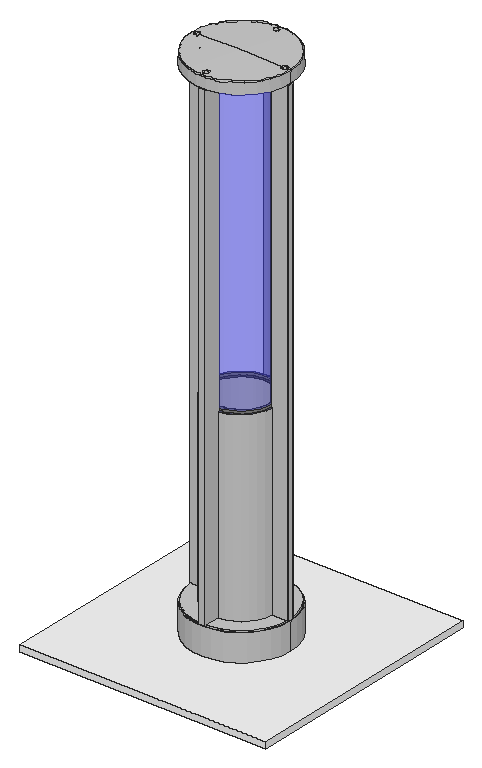
Revit family "BE_84602_de_DE", category Leuchten, Revit 2015
Parameters (values of type "BEGA_84602_Silber_K4")
  built-in parameter 1150104 = 17.744 (stored number, unit not read)
  Wattage = 15.6 W
  Default Elevation = 0 mm
  built-in parameter 1150113 = 1 (stored number, unit not read)
  built-in parameter 1114218 = 1 (stored number, unit not read)
  Umgebungstemperatur = "25 °C"
  URL = "http://www.bega.de/produkt/84602"
  Typenkommentare = "© 2017 BEGA. Wir behalten uns das Recht vor, technische Änderungen ohne vorherige Ankündigung vorzunehmen."  # constant formula
  Type Image = 84602.png
  built-in parameter 1150134 = 12
  built-in parameter 1150109 = 1 (stored number, unit not read)
  Strom = ""
  built-in parameter 1150110 = 1 (stored number, unit not read)
  Spannung = 239.996 V
  Sonderanfertigung = no
  Seriennummer [instance] = "Hier können Sie die eindeutige Seriennummer für das Facility Management eintragen."
  Schutzklasse = "I"
  Schutzart = "IP 65"
  Scheinlast = 0 VA
  Produktdatenblatt = "http://www.bega.de/download/Xrfa/db/84602.db.de.pdf"
  Oberflächentemperatur = ""
  Neigungswinkel = 0.00°
  Modell = "84602AK4"
  Material_18 = BEGA_Gummi_schwarz
  Material_17 = BEGA_Reflektor
  Material_15 = BEGA_Leuchtmedium_matt
  Material_14 = BEGA_Kunststoff_opal
  Material_11 = BEGA_Glas_opal
  Material_09 = BEGA_Glas_klar
  Material_06 = BEGA_Oberfläche_Edelstahl_gebürstet
  Material_03 = BEGA_Oberfläche_Weiss_matt
  Material_02 = BEGA_Oberfläche_Silber_matt
  Material_01 [instance] = BEGA_Oberfläche_Grafit_matt
  M_W = no
  M_G = no
  M_A = yes
  Logo = 0
  built-in parameter 1114217 = 1 (stored number, unit not read)
  built-in parameter 1150139 = (empty or 0)
  built-in parameter 1150105 = 237.11 (stored number, unit not read)
  built-in parameter 1150114 = 1 (stored number, unit not read)
  Lumens = 2979.6 lm
  built-in parameter 1150115 = 1 (stored number, unit not read)
  Leuchtenlichtstrom = "1993 lm"
  Leuchtenanzahl = ""
  Lebensdauerkriterien = "L70B50 @ 25 °C = 500000 h"
  Lastklassifizierung = Beleuchtung
  built-in parameter 1150112 = 1 (stored number, unit not read)
  Lampenlichtstrom = "2980 lm"
  Lampe = "LED 15.6 W"
  LED_Modulbezeichnung = "4x LED-0701/840"
  built-in parameter 1150142 = (empty or 0)
  Hersteller = "BEGA"  # constant formula
  Halbstreuwinkel = ""
  Gewicht = "7.0 kg"
  Gebrauchslageneinschränkung [instance] = ""
  Frequenz = "0/50-60 Hz"
  Farbwiedergabeindex = "Ra > 80"
  Farbtemperaturverschiebung bei Dämpfen der Lampe = <Keine Auswahl>
  Farbtemperatur = "4000 K"
  Farbfilter = 16777215
  Erdstück = no
  built-in parameter 1150133 = 10 (stored number, unit not read)
  Energieeffizienzklasse = "LED A++ - A"
  built-in parameter 1150137 = (empty or 0)
  built-in parameter 1150132 = (empty or 0)
  ENEC = ""
  Dimmbar [instance] = ""
  Datei für fotometrisches Netz = "BE_84602K4.IES"
  CE_Konformität = "ja"
  Bestellnummer_Erdstück = if(Erdstück, "70895", "---")  # "---"
  Bestellnummer = "84602AK4"
  Beschreibung_Sonderanfertigung = "Hier können Sie Informationen zur Sonderanfertigung eintragen."
  Beschreibung = "Pollerleuchte"
  built-in parameter 1150106 = 2.3711 (stored number, unit not read)
  Befestigungsbohrung = ""
  Befestigungsabstand = ""
  Ballwurfsicher = ""
  BEGA_Intern_aus = yes
  BEGA_Intern_an = yes
  BEGA_Intern_Konstruktion = yes
  BEGA_Intern = yes
  BEGA_IES = yes
  BEGA_Dummy = no
  Anschlussleitung = ""
  Anschlussleistung [instance] = "18 W"
  built-in parameter 1150107 = 4000 (stored number, unit not read)
  built-in parameter 1150102 = (empty or 0)
  built-in parameter 1150138 = (empty or 0)
  Aktualisierung = "2017-07-04T04:09:06"
  Abstand_zur_angestrahlten_Fläche [instance] = ""
  AC/DC = "AC/DC"
Types (4, lengths in mm): name | built-in parameter 1150104 | Wattage | built-in parameter 1150134 | Modell | M_G | M_A | built-in parameter 1150105 | Lumens | Leuchtenlichtstrom | Lampenlichtstrom | LED_Modulbezeichnung | Farbtemperatur | Datei für fotometrisches Netz | Bestellnummer | built-in parameter 1150106 | built-in parameter 1150107
  BEGA_84602_Grafit_K4 | 17.744 (stored number, unit not read) | 15.6 W | 12 | "84602K4" | yes | no | 237.11 (stored number, unit not read) | 2979.6 lm | "1993 lm" | "2980 lm" | "4x LED-0701/840" | "4000 K" | "BE_84602K4.IES" | "84602K4" | 2.3711 (stored number, unit not read) | 4000 (stored number, unit not read)
  BEGA_84602_Grafit_K3 | 13.8 (stored number, unit not read) | 0 W | (empty or 0) | "84602" | yes | no | (empty or 0) | 0 lm | "1940 lm" | "2900 lm" | "4x LED-0701/830" | "3000 K" | "BE_84602.IES" | "84602" | (empty or 0) | 3000 (stored number, unit not read)
  BEGA_84602_Silber_K3 | 17.271 (stored number, unit not read) | 15.9 W | (empty or 0) | "84602A" | no | yes | 235.22 (stored number, unit not read) | 2955.81 lm | "1940 lm" | "2900 lm" | "4x LED-0701/830" | "3000 K" | "BE_84602.IES" | "84602A" | 2.3522 (stored number, unit not read) | 3000 (stored number, unit not read)
  BEGA_84602_Silber_K4 | 17.744 (stored number, unit not read) | 15.6 W | 12 | "84602AK4" | no | yes | 237.11 (stored number, unit not read) | 2979.6 lm | "1993 lm" | "2980 lm" | "4x LED-0701/840" | "4000 K" | "BE_84602K4.IES" | "84602AK4" | 2.3711 (stored number, unit not read) | 4000 (stored number, unit not read)
Reference planes
  plane 1 "Mitte (Vorne/Hinten)": y = 0
  plane 2: z = 0
  plane 3 "Mitte (Links/Rechts)": x = 0
  plane 4 "Links": x = -80.5
  plane 5 "Rechts": x = 80.5
  plane 6 "Unten": y = -80.5
  plane 7 "Oben": y = 80.5
  plane 8 "Vorne": z = 850.81
  plane 9 "Hinten": z = 0
Forms (mm)
  Extrusion 1, solid, material "BEGA_Platte_Weiss"
    sketch origin (0, -1119.2, 0) x (1, 0, 0) y (0, 1, 0)
      loop
        line (-200, 1319.2) -> (-200, 919.2) -> (200, 919.2) -> (200, 1319.2) -> (-200, 1319.2)
    from 0 to -10
  Extrusion 2, solid, material "BEGA_Dummy_matt", visible <- "BEGA_Dummy"
    sketch origin (77.149, -76.023, 0) x (1, 0, 0) y (0, 1, 0)
      loop
        circle (-77.149, 76.023) r 80.5
    from 0 to 850.81
Dimensions and locks
  plane 1 "Mitte (Vorne/Hinten)" to Extrusion 1 = 200 mm
  aligned and locked: plane 2 to Extrusion 1
  aligned and locked: level to Extrusion 1
Nested families
  nested 1: "BE_84602" at (0, 0, 0), type "BE_84602"
Connectors
  electrical at (0, 0, 0), driven by "Lastklassifizierung", driven by "Spannung", driven by "Scheinlast"
    settings: index 1, voltage 239.996 V, apparent load 0 VA, apparent load phase1 0 VA, apparent load phase2 0 VA, apparent load phase3 0 VA, power factor 1, load classification "Beleuchtung", number of poles 1, system type 31, power factor state 1, is connector primary yes, connector utility no, sub classification motor no, connector description ""
Definition of nested family "BE_84602"
  Parameters (values of type "BE_84602")
    Default Elevation = 1 mm
    URL = "http://www.bega.de/de/produkt"
    Type Comments = "© 2015 BEGA. Wir behalten uns das Recht vor, technische Änderungen ohne vorherige Ankündigung vorzunehmen. "  # constant formula
    Type Image = (empty or 0)
    Neigungswinkel_um_Z2 = 0.00°
    Neigungswinkel_um_Z1 = 0.00°
    Neigungswinkel_um_Y2 = 0.00°
    Neigungswinkel_um_Y1 = 0.00°
    Neigungswinkel_um_X2 = 0.00°
    Neigungswinkel_um_X1 = 0.00°
    Material_18 = none
    Material_17 = none
    Material_15 = none
    Material_14 = none
    Material_11 = none
    Material_09 = none
    Material_06 = none
    Material_02 = none
    Material_01 = none
    M_W = yes
    M_G = yes
    M_A = yes
    Länge_Platte = 200 mm  # constant formula
    Höhe_Platte = -10 mm  # constant formula
    Manufacturer = "BEGA"  # constant formula
    Drehwinkel_um_Z2 = 0.00°
    Drehwinkel_um_Z1 = 0.00°
    Breite_Platte = 200 mm  # constant formula
  Reference planes
    plane 1 "Mitte (Oben/Unten)": y = 0
    plane 2: z = 0
    plane 3 "Mitte (Links/Rechts)": x = 0
    plane 4: x = -80.5
    plane 5: z = 850.81
    plane 6: x = 80.5
    plane 7: y = -80.5
    plane 8: y = 80.5
  Forms (mm)
    Extrusion 1, solid, detail levels medium
      sketch origin (0, 0, 0) x (1, 0, 0) y (0, 1, 0)
        loop
          line (-100, 100) -> (-100, -100) -> (100, -100) -> (100, 100) -> (-100, 100)
      from 0 to -10 <- "Höhe_Platte"
    Revolve 2, solid, material <- "Material_01", visible <- "M_G", detail levels medium+fine
      sketch origin (0, 0, 0) x (1, 0, 0) y (0, 0, 1)
        loop
          line (-76, 0) -> (-21.511, 0) -> (-21.511, 5.5) -> (-76, 5.5) -> (-76, 0)
        axis (0, 0) -> (0, 5.5)
      angle from 0 to 360
    Extrusion 3, void
      sketch origin (0, 0, 0) x (1, 0, 0) y (0, 1, 0)
        loop
          arc (37.01, -10.606) -> (38.5, 0.008) -> (37.006, 10.621) r 38.5
          arc (37.006, 10.621) -> (32.675, 13.011) -> (30.28, 8.683) r 3.5
          arc (30.28, 8.683) -> (31.5, 0.001) -> (30.28, -8.682) r 31.5
          arc (30.28, -8.682) -> (32.682, -13.012) -> (37.01, -10.606) r 3.5
        loop
          arc (-7.621, 30.564) -> (-5.072, 34.807) -> (-9.315, 37.356) r 3.5
          arc (-9.315, 37.356) -> (-19.251, 33.342) -> (-27.695, 26.744) r 38.5
          arc (-27.695, 26.744) -> (-27.609, 21.795) -> (-22.66, 21.881) r 3.5
          arc (-22.66, 21.881) -> (-15.75, 27.28) -> (-7.621, 30.564) r 31.5
        loop
          arc (-22.657, -21.884) -> (-27.604, -21.794) -> (-27.698, -26.74) r 3.5
          arc (-27.698, -26.74) -> (-19.247, -33.344) -> (-9.302, -37.359) r 38.5
          arc (-9.302, -37.359) -> (-5.069, -34.802) -> (-7.621, -30.564) r 3.5
          arc (-7.621, -30.564) -> (-15.749, -27.28) -> (-22.657, -21.884) r 31.5
        loop
          arc (-43.745, 12.543) -> (-46.827, 18.102) -> (-52.386, 15.021) r 4.495
          arc (-52.386, 15.021) -> (-54.497, 0.004) -> (-52.388, -15.014) r 54.493
          arc (-52.388, -15.014) -> (-46.831, -18.105) -> (-43.745, -12.544) r 4.495
          arc (-43.745, -12.544) -> (-45.508, -0.001) -> (-43.745, 12.543) r 45.516
        loop
          arc (32.735, 31.613) -> (39.09, 31.504) -> (39.2, 37.86) r 4.495
          arc (39.2, 37.86) -> (27.253, 47.193) -> (13.198, 52.875) r 54.493
          arc (13.198, 52.875) -> (7.737, 49.612) -> (11.009, 44.157) r 4.494
          arc (11.009, 44.157) -> (22.753, 39.411) -> (32.735, 31.613) r 45.516
        loop
          arc (11.01, -44.156) -> (7.737, -49.605) -> (13.185, -52.878) r 4.495
          arc (13.185, -52.878) -> (27.245, -47.198) -> (39.196, -37.863) r 54.493
          arc (39.196, -37.863) -> (39.095, -31.505) -> (32.736, -31.612) r 4.495
          arc (32.736, -31.612) -> (22.754, -39.411) -> (11.01, -44.156) r 45.516
      from -2 to 10
    Revolve 4, solid, material <- "Material_01", visible <- "M_G", detail levels medium+fine
      sketch origin (0, 0, 0) x (1, 0, 0) y (0, 0, 1)
        loop
          arc (-73.181, 39.917) -> (-72.576, 41.282) -> (-71.194, 41.848) r 2
          line (-71.194, 41.848) -> (-51.968, 41.848) -> (-51.968, 47.848) -> (-78.5, 47.848) -> (-78.5, 45.848) -> (-80.5, 45.848) -> (-80.5, 2.148) -> (-77.5, 2.148) -> (-77.5, 5.648) -> (-74.374, 5.757) -> (-73.181, 39.917)
        axis (0, 2.148) -> (0, 47.848)
      angle from 0 to 360
    Extrusion 5, solid, material <- "Material_01", visible <- "M_G", detail levels medium+fine
      sketch origin (0, 0, 0) x (1, 0, 0) y (0, 1, 0)
        loop
          arc (-79.855, 5.002) -> (-80.213, 4.847) -> (-80.374, 4.492) r 0.54
          arc (-80.374, 4.492) -> (-80.5, 0.08) -> (-80.384, -4.333) r 80.5
          arc (-80.384, -4.333) -> (-80.249, -4.724) -> (-79.927, -4.985) r 0.752
          line (-79.927, -4.985) -> (-54.167, -5.989)
          arc (-54.167, -5.989) -> (-54.497, 0.007) -> (-54.166, 6.004) r 54.493
          line (-54.166, 6.004) -> (-79.855, 5.002)
      from 47.548 to 828.848
    Extrusion 6, solid, material <- "Material_01", visible <- "M_G", detail levels medium+fine
      sketch origin (0, 0, 0) x (0, -1, 0) y (1, 0, 0)
        loop
          arc (-79.855, 5.002) -> (-80.213, 4.847) -> (-80.374, 4.492) r 0.54
          arc (-80.374, 4.492) -> (-80.5, 0.08) -> (-80.384, -4.333) r 80.5
          arc (-80.384, -4.333) -> (-80.249, -4.724) -> (-79.927, -4.985) r 0.752
          line (-79.927, -4.985) -> (-54.167, -5.989)
          arc (-54.167, -5.989) -> (-54.497, 0.007) -> (-54.166, 6.004) r 54.493
          line (-54.166, 6.004) -> (-79.855, 5.002)
      from 47.548 to 828.848
    Extrusion 7, solid, material <- "Material_01", visible <- "M_G", detail levels medium+fine
      sketch origin (0, 0, 0) x (0, 1, 0) y (-1, 0, 0)
        loop
          arc (-79.855, 5.002) -> (-80.213, 4.847) -> (-80.374, 4.492) r 0.54
          arc (-80.374, 4.492) -> (-80.5, 0.08) -> (-80.384, -4.333) r 80.5
          arc (-80.384, -4.333) -> (-80.249, -4.724) -> (-79.927, -4.985) r 0.752
          line (-79.927, -4.985) -> (-54.167, -5.989)
          arc (-54.167, -5.989) -> (-54.497, 0.007) -> (-54.166, 6.004) r 54.493
          line (-54.166, 6.004) -> (-79.855, 5.002)
      from 47.548 to 828.848
    Extrusion 8, solid, material <- "Material_01", visible <- "M_G", detail levels medium+fine
      sketch origin (0, 0, 0) x (-1, 0, 0) y (0, -1, 0)
        loop
          arc (-79.855, 5.002) -> (-80.213, 4.847) -> (-80.374, 4.492) r 0.54
          arc (-80.374, 4.492) -> (-80.5, 0.08) -> (-80.384, -4.333) r 80.5
          arc (-80.384, -4.333) -> (-80.249, -4.724) -> (-79.927, -4.985) r 0.752
          line (-79.927, -4.985) -> (-54.167, -5.989)
          arc (-54.167, -5.989) -> (-54.497, 0.007) -> (-54.166, 6.004) r 54.493
          line (-54.166, 6.004) -> (-79.855, 5.002)
      from 47.548 to 828.848
    Revolve 9, solid, material <- "Material_01", visible <- "M_G", detail levels medium+fine
      sketch origin (0, 0, 0) x (1, 0, 0) y (0, 0, 1)
        loop
          line (-55, 349.348) -> (-55, 44.848) -> (-51.5, 44.848) -> (-51.5, 349.348) -> (-55, 349.348)
        axis (0, 349.348) -> (0, 44.848)
      angle from 0 to 360
    Revolve 10, solid, material <- "Material_18", detail levels medium+fine
      sketch origin (0, 0, 0) x (1, 0, 0) y (0, 0, 1)
        loop
          circle (-50.4, 350.05) r 3
        axis (0, 350.05) -> (0, 351.05)
      angle from 0 to 360
    Revolve 11, solid, material <- "Material_14", detail levels medium+fine
      sketch origin (0, 0, 0) x (1, 0, 0) y (0, 0, 1)
        loop
          line (-48.5, 838.848) -> (-52.5, 838.848) -> (-52.5, 352.348) -> (-48.5, 352.348) -> (-48.5, 838.848)
        axis (0, 352.348) -> (0, 838.848)
      angle from 0 to 360
    Revolve 12, solid, material <- "Material_01", visible <- "M_G", detail levels medium+fine
      sketch origin (0, 0, 0) x (1, 0, 0) y (0, 0, 1)
        loop
          line (-80.5, 830.448) -> (-76.722, 830.448) -> (-76.75, 828.848) -> (-53.789, 828.848) -> (-53.982, 846.255) -> (0, 846.131) -> (0, 850.81) -> (-79.21, 849.427)
          arc (-79.21, 849.427) -> (-79.893, 849.135) -> (-80.186, 848.453) r 1
          line (-80.186, 848.453) -> (-80.5, 830.448)
        axis (0, 828.848) -> (0, 850.81)
      angle from 0 to 360
    Revolve 13, void
      sketch origin (0, 0, 0) x (1, 0, 0) y (0, 0, 1)
        loop
          line (-71, 847.623) -> (-71, 849.983) -> (-76.029, 849.983) -> (-73.669, 847.623) -> (-71, 847.623)
        axis (-71, 847.623) -> (-71, 849.983)
      angle from 0 to 360
    Revolve 14, void
      sketch origin (0, 0, 0) x (0, -1, 0) y (0, 0, 1)
        loop
          line (-71, 847.623) -> (-71, 849.983) -> (-76.029, 849.983) -> (-73.669, 847.623) -> (-71, 847.623)
        axis (-71, 847.623) -> (-71, 849.983)
      angle from 0 to 360
    Revolve 15, void
      sketch origin (0, 0, 0) x (0, 1, 0) y (0, 0, 1)
        loop
          line (-71, 847.623) -> (-71, 849.983) -> (-76.029, 849.983) -> (-73.669, 847.623) -> (-71, 847.623)
        axis (-71, 847.623) -> (-71, 849.983)
      angle from 0 to 360
    Revolve 16, void
      sketch origin (0, 0, 0) x (-1, 0, 0) y (0, 0, 1)
        loop
          line (-71, 847.623) -> (-71, 849.983) -> (-76.029, 849.983) -> (-73.669, 847.623) -> (-71, 847.623)
        axis (-71, 847.623) -> (-71, 849.983)
      angle from 0 to 360
    Extrusion 17, solid, material <- "Material_06", detail levels fine
      sketch origin (0, 0, 0) x (1, 0, 0) y (0, 1, 0)
        loop
          circle (-71, 0) r 4
        loop
          circle (71, 0) r 4
        loop
          circle (0, -71) r 4
        loop
          circle (0, 71) r 4
      from 848.633 to 849.254
    Revolve 18, solid, material <- "Material_06", detail levels fine
      sketch origin (0, 0, 24.148) x (1, 0, 0) y (0, 1, 0)
        loop
          line (-58.23, 58.23) -> (-48.369, 48.369) -> (-44.834, 51.905) -> (-54.044, 61.115) -> (-55.345, 61.115) -> (-58.23, 58.23)
        axis (-58.23, 58.23) -> (-48.369, 48.369)
      angle from 0 to 360
    Revolve 19, solid, material <- "Material_02", visible <- "M_A", detail levels medium+fine
      sketch origin (0, 0, 0) x (1, 0, 0) y (0, 0, 1)
        loop
          line (-76, 0) -> (-21.511, 0) -> (-21.511, 5.5) -> (-76, 5.5) -> (-76, 0)
        axis (0, 0) -> (0, 5.5)
      angle from 0 to 360
    Revolve 20, solid, material <- "Material_02", visible <- "M_A", detail levels medium+fine
      sketch origin (0, 0, 0) x (1, 0, 0) y (0, 0, 1)
        loop
          arc (-73.181, 39.917) -> (-72.576, 41.282) -> (-71.194, 41.848) r 2
          line (-71.194, 41.848) -> (-51.968, 41.848) -> (-51.968, 47.848) -> (-78.5, 47.848) -> (-78.5, 45.848) -> (-80.5, 45.848) -> (-80.5, 2.148) -> (-77.5, 2.148) -> (-77.5, 5.648) -> (-74.374, 5.757) -> (-73.181, 39.917)
        axis (0, 2.148) -> (0, 47.848)
      angle from 0 to 360
    Extrusion 21, solid, material <- "Material_02", visible <- "M_A", detail levels medium+fine
      sketch origin (0, 0, 0) x (1, 0, 0) y (0, 1, 0)
        loop
          arc (-79.855, 5.002) -> (-80.213, 4.847) -> (-80.374, 4.492) r 0.54
          arc (-80.374, 4.492) -> (-80.5, 0.08) -> (-80.384, -4.333) r 80.5
          arc (-80.384, -4.333) -> (-80.249, -4.724) -> (-79.927, -4.985) r 0.752
          line (-79.927, -4.985) -> (-54.167, -5.989)
          arc (-54.167, -5.989) -> (-54.497, 0.007) -> (-54.166, 6.004) r 54.493
          line (-54.166, 6.004) -> (-79.855, 5.002)
      from 47.548 to 828.848
    Extrusion 22, solid, material <- "Material_02", visible <- "M_A", detail levels medium+fine
      sketch origin (0, 0, 0) x (0, -1, 0) y (1, 0, 0)
        loop
          arc (-79.855, 5.002) -> (-80.213, 4.847) -> (-80.374, 4.492) r 0.54
          arc (-80.374, 4.492) -> (-80.5, 0.08) -> (-80.384, -4.333) r 80.5
          arc (-80.384, -4.333) -> (-80.249, -4.724) -> (-79.927, -4.985) r 0.752
          line (-79.927, -4.985) -> (-54.167, -5.989)
          arc (-54.167, -5.989) -> (-54.497, 0.007) -> (-54.166, 6.004) r 54.493
          line (-54.166, 6.004) -> (-79.855, 5.002)
      from 47.548 to 828.848
    Extrusion 23, solid, material <- "Material_02", visible <- "M_A", detail levels medium+fine
      sketch origin (0, 0, 0) x (0, 1, 0) y (-1, 0, 0)
        loop
          arc (-79.855, 5.002) -> (-80.213, 4.847) -> (-80.374, 4.492) r 0.54
          arc (-80.374, 4.492) -> (-80.5, 0.08) -> (-80.384, -4.333) r 80.5
          arc (-80.384, -4.333) -> (-80.249, -4.724) -> (-79.927, -4.985) r 0.752
          line (-79.927, -4.985) -> (-54.167, -5.989)
          arc (-54.167, -5.989) -> (-54.497, 0.007) -> (-54.166, 6.004) r 54.493
          line (-54.166, 6.004) -> (-79.855, 5.002)
      from 47.548 to 828.848
    Extrusion 24, solid, material <- "Material_02", visible <- "M_A", detail levels medium+fine
      sketch origin (0, 0, 0) x (-1, 0, 0) y (0, -1, 0)
        loop
          arc (-79.855, 5.002) -> (-80.213, 4.847) -> (-80.374, 4.492) r 0.54
          arc (-80.374, 4.492) -> (-80.5, 0.08) -> (-80.384, -4.333) r 80.5
          arc (-80.384, -4.333) -> (-80.249, -4.724) -> (-79.927, -4.985) r 0.752
          line (-79.927, -4.985) -> (-54.167, -5.989)
          arc (-54.167, -5.989) -> (-54.497, 0.007) -> (-54.166, 6.004) r 54.493
          line (-54.166, 6.004) -> (-79.855, 5.002)
      from 47.548 to 828.848
    Revolve 25, solid, material <- "Material_02", visible <- "M_A", detail levels medium+fine
      sketch origin (0, 0, 0) x (1, 0, 0) y (0, 0, 1)
        loop
          line (-55, 349.348) -> (-55, 44.848) -> (-51.5, 44.848) -> (-51.5, 349.348) -> (-55, 349.348)
        axis (0, 349.348) -> (0, 44.848)
      angle from 0 to 360
    Revolve 26, solid, material <- "Material_02", visible <- "M_A", detail levels medium+fine
      sketch origin (0, 0, 0) x (1, 0, 0) y (0, 0, 1)
        loop
          line (-80.5, 830.448) -> (-76.722, 830.448) -> (-76.75, 828.848) -> (-53.789, 828.848) -> (-53.982, 846.255) -> (0, 846.131) -> (0, 850.81) -> (-79.21, 849.427)
          arc (-79.21, 849.427) -> (-79.893, 849.135) -> (-80.186, 848.453) r 1
          line (-80.186, 848.453) -> (-80.5, 830.448)
        axis (0, 828.848) -> (0, 850.81)
      angle from 0 to 360
  Cuts and joins
    Extrusion 3 cuts Revolve 2
    joined: Revolve 4, Extrusion 5, Extrusion 6, Extrusion 7, Extrusion 8, Revolve 9
    Revolve 13, Revolve 14, Revolve 15, Revolve 16 cuts Revolve 12
    Extrusion 3 cuts Revolve 19
    joined: Revolve 20, Extrusion 21, Extrusion 22, Extrusion 23, Extrusion 24, Revolve 25
    Revolve 13, Revolve 14, Revolve 15, Revolve 16 cuts Revolve 26
  Dimensions and locks
    equal spacing: Extrusion 1 sketch curve, plane 3 "Mitte (Links/Rechts)", Extrusion 1 sketch curve
    equal spacing: Extrusion 1 sketch curve, plane 1 "Mitte (Oben/Unten)", Extrusion 1 sketch curve
    "Länge_Platte": Extrusion 1 sketch curve to Extrusion 1 sketch curve
    "Breite_Platte": Extrusion 1 sketch curve to Extrusion 1 sketch curve
    aligned and locked: Extrusion 1 to plane 2
    aligned and locked: level to Extrusion 1
  Automatic sketch dimensions
    Revolve 2 sketch curve to level = 0 mm  (x2)
    Revolve 2 sketch curve to plane 3 "Mitte (Links/Rechts)" = 0 mm
    level to Revolve 2 sketch curve = 5.5 mm
    Revolve 2 sketch curve to plane 3 "Mitte (Links/Rechts)" = 21.511 mm
    Revolve 2 sketch curve to Revolve 2 sketch curve = 54.489 mm
    Revolve 2 sketch curve to Revolve 2 sketch curve = 3.638 mm
    Extrusion 3 sketch curve to plane 1 "Mitte (Oben/Unten)" = 0 mm  (x5)
    Extrusion 3 sketch curve to plane 3 "Mitte (Links/Rechts)" = 0 mm  (x2)
    Extrusion 3 sketch curve to plane 1 "Mitte (Oben/Unten)" = 9.648 mm
    plane 3 "Mitte (Links/Rechts)" to Extrusion 3 sketch curve = 33.644 mm
    Extrusion 3 sketch curve to Extrusion 3 sketch curve = 3.364 mm
    Extrusion 3 sketch curve to Extrusion 3 sketch curve = 0 mm  (x17)
    plane 1 "Mitte (Oben/Unten)" to Extrusion 3 sketch curve = 8.682 mm
    Extrusion 3 sketch curve to Extrusion 3 sketch curve = 3.362 mm
    Extrusion 3 sketch curve to Extrusion 3 sketch curve = 6.73 mm
    Extrusion 3 sketch curve to Extrusion 3 sketch curve = 1.924 mm
    Extrusion 3 sketch curve to Extrusion 3 sketch curve = 3.366 mm
    Extrusion 3 sketch curve to Extrusion 3 sketch curve = 0.959 mm
    Extrusion 3 sketch curve to plane 3 "Mitte (Links/Rechts)" = 8.468 mm
    Extrusion 3 sketch curve to plane 3 "Mitte (Links/Rechts)" = 25.176 mm
    Extrusion 3 sketch curve to Extrusion 3 sketch curve = 16.709 mm
    plane 3 "Mitte (Links/Rechts)" to Extrusion 3 sketch curve = 0 mm  (x3)
    Extrusion 3 sketch curve to plane 3 "Mitte (Links/Rechts)" = 0.001 mm
    plane 1 "Mitte (Oben/Unten)" to Extrusion 3 sketch curve = 24.314 mm
    plane 1 "Mitte (Oben/Unten)" to Extrusion 3 sketch curve = 0 mm  (x2)
    Extrusion 3 sketch curve to plane 1 "Mitte (Oben/Unten)" = 0.001 mm
    Extrusion 3 sketch curve to plane 1 "Mitte (Oben/Unten)" = 24.313 mm
    Extrusion 3 sketch curve to Extrusion 3 sketch curve = 9.648 mm
    Extrusion 3 sketch curve to plane 3 "Mitte (Links/Rechts)" = 7.621 mm
    Extrusion 3 sketch curve to Extrusion 3 sketch curve = 0.847 mm  (x2)
    Extrusion 3 sketch curve to Extrusion 3 sketch curve = 2.518 mm  (x3)
    Extrusion 3 sketch curve to Extrusion 3 sketch curve = 2.523 mm
    Extrusion 3 sketch curve to Extrusion 3 sketch curve = 2.431 mm  (x2)
    Extrusion 3 sketch curve to Extrusion 3 sketch curve = 1.681 mm
    Extrusion 3 sketch curve to Extrusion 3 sketch curve = 0.835 mm
    Extrusion 3 sketch curve to Extrusion 3 sketch curve = 3.399 mm
    Extrusion 3 sketch curve to Extrusion 3 sketch curve = 0.001 mm  (x2)
    Extrusion 3 sketch curve to Extrusion 3 sketch curve = 20.367 mm
    Extrusion 3 sketch curve to Extrusion 3 sketch curve = 20.371 mm
    Extrusion 3 sketch curve to Extrusion 3 sketch curve = 0.004 mm
    Extrusion 3 sketch curve to Extrusion 3 sketch curve = 0.008 mm
    plane 1 "Mitte (Oben/Unten)" to Extrusion 3 sketch curve = 13.783 mm
    Extrusion 3 sketch curve to plane 1 "Mitte (Oben/Unten)" = 13.782 mm
    Extrusion 3 sketch curve to Extrusion 3 sketch curve = 4.32 mm  (x3)
    Extrusion 3 sketch curve to Extrusion 3 sketch curve = 4.323 mm
    Extrusion 3 sketch curve to Extrusion 3 sketch curve = 1.231 mm
    Extrusion 3 sketch curve to plane 3 "Mitte (Links/Rechts)" = 0.004 mm  (x2)
    plane 3 "Mitte (Links/Rechts)" to Extrusion 3 sketch curve = 0.003 mm
    plane 3 "Mitte (Links/Rechts)" to Extrusion 3 sketch curve = 12.096 mm
    plane 1 "Mitte (Oben/Unten)" to Extrusion 3 sketch curve = 0.007 mm
    Extrusion 3 sketch curve to plane 1 "Mitte (Oben/Unten)" = 0.003 mm
    Extrusion 3 sketch curve to Extrusion 3 sketch curve = 11.161 mm
    Extrusion 3 sketch curve to Extrusion 3 sketch curve = 1.088 mm
    Extrusion 3 sketch curve to Extrusion 3 sketch curve = 1.102 mm
    Extrusion 3 sketch curve to Extrusion 3 sketch curve = 4.271 mm
    Extrusion 3 sketch curve to Extrusion 3 sketch curve = 6.464 mm
    Extrusion 3 sketch curve to Extrusion 3 sketch curve = 20.992 mm
    Extrusion 3 sketch curve to Extrusion 3 sketch curve = 6.246 mm
    Extrusion 3 sketch curve to Extrusion 3 sketch curve = 3.232 mm
    Extrusion 3 sketch curve to Extrusion 3 sketch curve = 3.123 mm
    plane 3 "Mitte (Links/Rechts)" to Extrusion 3 sketch curve = 0.002 mm
    Extrusion 3 sketch curve to Extrusion 3 sketch curve = 1.041 mm
    Extrusion 3 sketch curve to Extrusion 3 sketch curve = 24.128 mm
    plane 1 "Mitte (Oben/Unten)" to Extrusion 3 sketch curve = 0.004 mm
    Extrusion 3 sketch curve to Extrusion 3 sketch curve = 0.007 mm
    plane 3 "Mitte (Links/Rechts)" to Extrusion 3 sketch curve = 11.01 mm
    Extrusion 3 sketch curve to Extrusion 3 sketch curve = 2.175 mm
    Extrusion 3 sketch curve to Extrusion 3 sketch curve = 3.233 mm
    Extrusion 3 sketch curve to Extrusion 3 sketch curve = 3.226 mm
    Extrusion 3 sketch curve to Extrusion 3 sketch curve = 3.129 mm
    Extrusion 3 sketch curve to Extrusion 3 sketch curve = 8.722 mm
    Extrusion 5 sketch curve to Extrusion 5 sketch curve = 0.021 mm
    Extrusion 5 sketch curve to Extrusion 5 sketch curve = 0.201 mm
    Extrusion 5 sketch curve to Extrusion 5 sketch curve = 0.54 mm
    Extrusion 5 sketch curve to Extrusion 5 sketch curve = 0.751 mm
    Extrusion 5 sketch curve to Extrusion 5 sketch curve = 0.294 mm
    Extrusion 5 sketch curve to Extrusion 5 sketch curve = 0.539 mm
    Extrusion 5 sketch curve to Extrusion 5 sketch curve = 0 mm  (x2)
    Extrusion 5 sketch curve to Extrusion 5 sketch curve = 25.466 mm
    Revolve 4 sketch curve to plane 3 "Mitte (Links/Rechts)" = 0 mm
    Revolve 4 sketch curve to plane 3 "Mitte (Links/Rechts)" = 51.968 mm
    Revolve 4 sketch curve to Revolve 4 sketch curve = 19.214 mm
    Revolve 4 sketch curve to Revolve 4 sketch curve = 0.012 mm
    level to Revolve 4 sketch curve = 5.757 mm
    Revolve 4 sketch curve to Revolve 4 sketch curve = 3.192 mm
    Revolve 4 sketch curve to Revolve 4 sketch curve = 3.126 mm
    Revolve 4 sketch curve to Revolve 4 sketch curve = 7.306 mm
    Revolve 4 sketch curve to Revolve 4 sketch curve = 3 mm
    Revolve 4 sketch curve to Revolve 4 sketch curve = 0.109 mm
    level to Revolve 4 sketch curve = 2.148 mm
    Revolve 4 sketch curve to Revolve 4 sketch curve = 34.091 mm
    Revolve 4 sketch curve to Revolve 4 sketch curve = 2 mm  (x2)
    Revolve 4 sketch curve to Revolve 4 sketch curve = 4 mm
    Revolve 4 sketch curve to Revolve 4 sketch curve = 1.999 mm
    Revolve 4 sketch curve to Revolve 4 sketch curve = 0 mm  (x2)
    level to Revolve 4 sketch curve = 14.806 mm
    Revolve 4 sketch curve to Revolve 4 sketch curve = 15 mm
    Extrusion 5 sketch curve to Extrusion 5 sketch curve = 0.002 mm
    Extrusion 5 sketch curve to Extrusion 5 sketch curve = 54.161 mm
    Extrusion 5 sketch curve to Extrusion 5 sketch curve = 0.005 mm
    Extrusion 5 sketch curve to Extrusion 5 sketch curve = 1.005 mm
    Extrusion 5 sketch curve to Extrusion 5 sketch curve = 0.692 mm
    Extrusion 5 sketch curve to Extrusion 5 sketch curve = 5.972 mm
    Extrusion 5 sketch curve to Extrusion 5 sketch curve = 0.017 mm
    Extrusion 6 sketch curve to Extrusion 6 sketch curve = 0.021 mm
    Extrusion 6 sketch curve to Extrusion 6 sketch curve = 0.201 mm
    Extrusion 6 sketch curve to Extrusion 6 sketch curve = 0.54 mm
    Extrusion 6 sketch curve to Extrusion 6 sketch curve = 0.751 mm
    Extrusion 6 sketch curve to Extrusion 6 sketch curve = 0.294 mm
    Extrusion 6 sketch curve to Extrusion 6 sketch curve = 0.539 mm
    Extrusion 6 sketch curve to Extrusion 6 sketch curve = 0 mm  (x2)
    Extrusion 6 sketch curve to Extrusion 6 sketch curve = 25.466 mm
    Extrusion 6 sketch curve to Extrusion 6 sketch curve = 0.002 mm
    Extrusion 6 sketch curve to Extrusion 6 sketch curve = 54.161 mm
    Extrusion 6 sketch curve to Extrusion 6 sketch curve = 0.005 mm
    Extrusion 6 sketch curve to Extrusion 6 sketch curve = 1.005 mm
    Extrusion 6 sketch curve to Extrusion 6 sketch curve = 0.692 mm
    Extrusion 6 sketch curve to Extrusion 6 sketch curve = 5.972 mm
    Extrusion 6 sketch curve to Extrusion 6 sketch curve = 0.017 mm
    Extrusion 7 sketch curve to Extrusion 7 sketch curve = 0.021 mm
    Extrusion 7 sketch curve to Extrusion 7 sketch curve = 0.201 mm
    Extrusion 7 sketch curve to Extrusion 7 sketch curve = 0.54 mm
    Extrusion 7 sketch curve to Extrusion 7 sketch curve = 0.751 mm
    Extrusion 7 sketch curve to Extrusion 7 sketch curve = 0.294 mm
    Extrusion 7 sketch curve to Extrusion 7 sketch curve = 0.539 mm
    Extrusion 7 sketch curve to Extrusion 7 sketch curve = 0 mm  (x2)
    Extrusion 7 sketch curve to Extrusion 7 sketch curve = 25.466 mm
    Extrusion 7 sketch curve to Extrusion 7 sketch curve = 0.002 mm
    Extrusion 7 sketch curve to Extrusion 7 sketch curve = 54.161 mm
    Extrusion 7 sketch curve to Extrusion 7 sketch curve = 0.005 mm
    Extrusion 7 sketch curve to Extrusion 7 sketch curve = 1.005 mm
    Extrusion 7 sketch curve to Extrusion 7 sketch curve = 0.692 mm
    Extrusion 7 sketch curve to Extrusion 7 sketch curve = 5.972 mm
    Extrusion 7 sketch curve to Extrusion 7 sketch curve = 0.017 mm
    Extrusion 8 sketch curve to Extrusion 8 sketch curve = 0.021 mm
    Extrusion 8 sketch curve to Extrusion 8 sketch curve = 0.201 mm
    Extrusion 8 sketch curve to Extrusion 8 sketch curve = 0.54 mm
    Extrusion 8 sketch curve to Extrusion 8 sketch curve = 0.751 mm
    Extrusion 8 sketch curve to Extrusion 8 sketch curve = 0.294 mm
    Extrusion 8 sketch curve to Extrusion 8 sketch curve = 0.539 mm
    Extrusion 8 sketch curve to Extrusion 8 sketch curve = 0 mm  (x2)
    Extrusion 8 sketch curve to Extrusion 8 sketch curve = 25.466 mm
    Extrusion 8 sketch curve to Extrusion 8 sketch curve = 0.002 mm
    Extrusion 8 sketch curve to Extrusion 8 sketch curve = 54.161 mm
    Extrusion 8 sketch curve to Extrusion 8 sketch curve = 0.005 mm
    Extrusion 8 sketch curve to Extrusion 8 sketch curve = 1.005 mm
    Extrusion 8 sketch curve to Extrusion 8 sketch curve = 0.692 mm
    Extrusion 8 sketch curve to Extrusion 8 sketch curve = 5.972 mm
    Extrusion 8 sketch curve to Extrusion 8 sketch curve = 0.017 mm
    plane 1 "Mitte (Oben/Unten)" to Extrusion 5 sketch curve = 4.985 mm
    Extrusion 5 sketch curve to plane 3 "Mitte (Links/Rechts)" = 79.927 mm
    Extrusion 6 sketch curve to plane 3 "Mitte (Links/Rechts)" = 4.985 mm
    Extrusion 6 sketch curve to plane 1 "Mitte (Oben/Unten)" = 79.927 mm
    plane 3 "Mitte (Links/Rechts)" to Extrusion 7 sketch curve = 4.985 mm
    plane 1 "Mitte (Oben/Unten)" to Extrusion 7 sketch curve = 79.927 mm
    Extrusion 8 sketch curve to plane 1 "Mitte (Oben/Unten)" = 4.985 mm
    plane 3 "Mitte (Links/Rechts)" to Extrusion 8 sketch curve = 79.927 mm
    Revolve 9 sketch curve to plane 3 "Mitte (Links/Rechts)" = 55 mm
    Revolve 9 sketch curve to Revolve 9 sketch curve = 3.5 mm
    level to Revolve 9 sketch curve = 44.848 mm
    Revolve 10 sketch curve to plane 3 "Mitte (Links/Rechts)" = 0 mm
    Revolve 10 sketch curve to plane 3 "Mitte (Links/Rechts)" = 50.4 mm
    Revolve 10 sketch curve to Revolve 10 sketch curve = 45.05 mm
    Revolve 10 sketch curve to Revolve 10 sketch curve = 24.95 mm
    Revolve 11 sketch curve to plane 3 "Mitte (Links/Rechts)" = 0 mm
    Revolve 11 sketch curve to plane 3 "Mitte (Links/Rechts)" = 48.5 mm
    Revolve 11 sketch curve to Revolve 11 sketch curve = 4 mm
    Revolve 11 sketch curve to Revolve 11 sketch curve = 486.5 mm
    Revolve 11 sketch curve to Revolve 11 sketch curve = 80 mm
    Revolve 11 sketch curve to Revolve 11 sketch curve = 35 mm
    Revolve 13 sketch curve to Revolve 13 sketch curve = 2.669 mm
    Revolve 13 sketch curve to Revolve 13 sketch curve = 2.36 mm
    Revolve 13 sketch curve to Revolve 13 sketch curve = 5.029 mm
    Revolve 13 sketch curve to Revolve 13 sketch curve = 0 mm
    Revolve 13 sketch curve to Revolve 13 sketch curve = 16.369 mm
    Revolve 13 sketch curve to Revolve 13 sketch curve = 1.624 mm
    Revolve 14 sketch curve to Revolve 14 sketch curve = 2.669 mm
    Revolve 14 sketch curve to Revolve 14 sketch curve = 2.36 mm
    Revolve 14 sketch curve to Revolve 14 sketch curve = 5.029 mm
    Revolve 14 sketch curve to Revolve 14 sketch curve = 0 mm
    Revolve 14 sketch curve to Revolve 14 sketch curve = 16.369 mm
    Revolve 14 sketch curve to Revolve 14 sketch curve = 1.624 mm
    Revolve 15 sketch curve to Revolve 15 sketch curve = 2.669 mm
    Revolve 15 sketch curve to Revolve 15 sketch curve = 2.36 mm
    Revolve 15 sketch curve to Revolve 15 sketch curve = 5.029 mm
    Revolve 15 sketch curve to Revolve 15 sketch curve = 0 mm
    Revolve 15 sketch curve to Revolve 15 sketch curve = 16.369 mm
    Revolve 15 sketch curve to Revolve 15 sketch curve = 1.624 mm
    Revolve 16 sketch curve to Revolve 16 sketch curve = 2.669 mm
    Revolve 16 sketch curve to Revolve 16 sketch curve = 2.36 mm
    Revolve 16 sketch curve to Revolve 16 sketch curve = 5.029 mm
    Revolve 16 sketch curve to Revolve 16 sketch curve = 0 mm
    Revolve 16 sketch curve to Revolve 16 sketch curve = 16.369 mm
    Revolve 16 sketch curve to Revolve 16 sketch curve = 1.624 mm
    Revolve 13 sketch curve to plane 3 "Mitte (Links/Rechts)" = 76.029 mm
    Revolve 14 sketch curve to plane 1 "Mitte (Oben/Unten)" = 76.029 mm
    plane 1 "Mitte (Oben/Unten)" to Revolve 15 sketch curve = 76.029 mm
    plane 3 "Mitte (Links/Rechts)" to Revolve 16 sketch curve = 76.029 mm
    plane 1 "Mitte (Oben/Unten)" to Extrusion 17 sketch curve = 0 mm  (x2)
    Extrusion 17 sketch curve to plane 3 "Mitte (Links/Rechts)" = 0 mm  (x2)
    Extrusion 17 sketch curve to plane 3 "Mitte (Links/Rechts)" = 71 mm
    plane 3 "Mitte (Links/Rechts)" to Extrusion 17 sketch curve = 71 mm
    plane 1 "Mitte (Oben/Unten)" to Extrusion 17 sketch curve = 71 mm
    Extrusion 17 sketch curve to plane 1 "Mitte (Oben/Unten)" = 71 mm
    Revolve 12 sketch curve to plane 3 "Mitte (Links/Rechts)" = 0 mm  (x2)
    Revolve 12 sketch curve to plane 3 "Mitte (Links/Rechts)" = 53.789 mm
    Revolve 12 sketch curve to Revolve 12 sketch curve = 0.193 mm
    Revolve 12 sketch curve to Revolve 12 sketch curve = 22.933 mm
    Revolve 12 sketch curve to Revolve 12 sketch curve = 0.028 mm
    Revolve 12 sketch curve to Revolve 12 sketch curve = 2.464 mm
    Revolve 12 sketch curve to Revolve 12 sketch curve = 0.024 mm
    Revolve 12 sketch curve to Revolve 12 sketch curve = 1 mm
    Revolve 12 sketch curve to Revolve 12 sketch curve = 3.778 mm
    Revolve 12 sketch curve to Revolve 12 sketch curve = 1.6 mm
    Revolve 12 sketch curve to Revolve 12 sketch curve = 17.283 mm
    Revolve 12 sketch curve to Revolve 12 sketch curve = 17.407 mm
    Revolve 12 sketch curve to Revolve 12 sketch curve = 17.98 mm
    Revolve 12 sketch curve to Revolve 12 sketch curve = 0.025 mm
    Revolve 12 sketch curve to Revolve 12 sketch curve = 4.679 mm
    Revolve 12 sketch curve to Revolve 12 sketch curve = 2.283 mm
    Revolve 12 sketch curve to Revolve 12 sketch curve = 5.413 mm
    Revolve 18 sketch curve to plane 3 "Mitte (Links/Rechts)" = 55.345 mm
    Revolve 18 sketch curve to Revolve 18 sketch curve = 1.301 mm
    Revolve 18 sketch curve to Revolve 18 sketch curve = 2.885 mm  (x2)
    Revolve 18 sketch curve to Revolve 18 sketch curve = 9.211 mm
    Revolve 18 sketch curve to plane 1 "Mitte (Oben/Unten)" = 48.369 mm
    Revolve 19 sketch curve to level = 0 mm  (x2)
    Revolve 19 sketch curve to plane 3 "Mitte (Links/Rechts)" = 0 mm
    level to Revolve 19 sketch curve = 5.5 mm
    Revolve 19 sketch curve to plane 3 "Mitte (Links/Rechts)" = 21.511 mm
    Revolve 19 sketch curve to Revolve 19 sketch curve = 54.489 mm
    Revolve 19 sketch curve to Revolve 19 sketch curve = 3.638 mm
    Revolve 20 sketch curve to plane 3 "Mitte (Links/Rechts)" = 0 mm
    Revolve 20 sketch curve to plane 3 "Mitte (Links/Rechts)" = 51.968 mm
    Revolve 20 sketch curve to Revolve 20 sketch curve = 19.214 mm
    Revolve 20 sketch curve to Revolve 20 sketch curve = 0.012 mm
    level to Revolve 20 sketch curve = 5.757 mm
    Revolve 20 sketch curve to Revolve 20 sketch curve = 3.192 mm
    Revolve 20 sketch curve to Revolve 20 sketch curve = 3.126 mm
    Revolve 20 sketch curve to Revolve 20 sketch curve = 7.306 mm
    Revolve 20 sketch curve to Revolve 20 sketch curve = 3 mm
    Revolve 20 sketch curve to Revolve 20 sketch curve = 0.109 mm
    level to Revolve 20 sketch curve = 2.148 mm
    Revolve 20 sketch curve to Revolve 20 sketch curve = 34.091 mm
    Revolve 20 sketch curve to Revolve 20 sketch curve = 2 mm  (x2)
    Revolve 20 sketch curve to Revolve 20 sketch curve = 4 mm
    Revolve 20 sketch curve to Revolve 20 sketch curve = 1.999 mm
    Revolve 20 sketch curve to Revolve 20 sketch curve = 0 mm  (x2)
    level to Revolve 20 sketch curve = 14.806 mm
    Revolve 20 sketch curve to Revolve 20 sketch curve = 15 mm
    plane 1 "Mitte (Oben/Unten)" to Extrusion 21 sketch curve = 4.985 mm
    Extrusion 21 sketch curve to plane 3 "Mitte (Links/Rechts)" = 79.927 mm
    Extrusion 21 sketch curve to plane 1 "Mitte (Oben/Unten)" = 5.002 mm
    Extrusion 21 sketch curve to Extrusion 21 sketch curve = 0.072 mm
    Extrusion 21 sketch curve to Extrusion 21 sketch curve = 0.021 mm
    Extrusion 21 sketch curve to Extrusion 21 sketch curve = 0.294 mm
    plane 1 "Mitte (Oben/Unten)" to Extrusion 21 sketch curve = 5.989 mm
    Extrusion 21 sketch curve to Extrusion 21 sketch curve = 25.466 mm
    Extrusion 21 sketch curve to plane 1 "Mitte (Oben/Unten)" = 6.004 mm
    Extrusion 21 sketch curve to Extrusion 21 sketch curve = 0.002 mm
    Extrusion 21 sketch curve to plane 1 "Mitte (Oben/Unten)" = 0 mm
    plane 3 "Mitte (Links/Rechts)" to Extrusion 21 sketch curve = 0 mm
    Extrusion 21 sketch curve to Extrusion 21 sketch curve = 0.692 mm
    plane 1 "Mitte (Oben/Unten)" to Extrusion 21 sketch curve = 0.017 mm
    Extrusion 21 sketch curve to Extrusion 21 sketch curve = 0.54 mm
    Extrusion 21 sketch curve to Extrusion 21 sketch curve = 0 mm  (x2)
    Extrusion 21 sketch curve to Extrusion 21 sketch curve = 0.751 mm
    Extrusion 22 sketch curve to plane 3 "Mitte (Links/Rechts)" = 4.985 mm
    Extrusion 22 sketch curve to plane 1 "Mitte (Oben/Unten)" = 79.927 mm
    plane 3 "Mitte (Links/Rechts)" to Extrusion 22 sketch curve = 5.002 mm
    Extrusion 22 sketch curve to Extrusion 22 sketch curve = 0.072 mm
    Extrusion 22 sketch curve to Extrusion 22 sketch curve = 0.021 mm
    Extrusion 22 sketch curve to Extrusion 22 sketch curve = 0.294 mm
    Extrusion 22 sketch curve to plane 3 "Mitte (Links/Rechts)" = 5.989 mm
    Extrusion 22 sketch curve to Extrusion 22 sketch curve = 25.466 mm
    plane 3 "Mitte (Links/Rechts)" to Extrusion 22 sketch curve = 6.004 mm
    Extrusion 22 sketch curve to Extrusion 22 sketch curve = 0.002 mm
    plane 3 "Mitte (Links/Rechts)" to Extrusion 22 sketch curve = 0 mm
    plane 1 "Mitte (Oben/Unten)" to Extrusion 22 sketch curve = 0 mm
    Extrusion 22 sketch curve to Extrusion 22 sketch curve = 0.692 mm
    Extrusion 22 sketch curve to plane 3 "Mitte (Links/Rechts)" = 0.017 mm
    Extrusion 22 sketch curve to Extrusion 22 sketch curve = 0.54 mm
    Extrusion 22 sketch curve to Extrusion 22 sketch curve = 0 mm  (x2)
    Extrusion 22 sketch curve to Extrusion 22 sketch curve = 0.751 mm
    plane 3 "Mitte (Links/Rechts)" to Extrusion 23 sketch curve = 4.985 mm
    plane 1 "Mitte (Oben/Unten)" to Extrusion 23 sketch curve = 79.927 mm
    Extrusion 23 sketch curve to plane 3 "Mitte (Links/Rechts)" = 5.002 mm
    Extrusion 23 sketch curve to Extrusion 23 sketch curve = 0.072 mm
    Extrusion 23 sketch curve to Extrusion 23 sketch curve = 0.021 mm
    Extrusion 23 sketch curve to Extrusion 23 sketch curve = 0.294 mm
    plane 3 "Mitte (Links/Rechts)" to Extrusion 23 sketch curve = 5.989 mm
    Extrusion 23 sketch curve to Extrusion 23 sketch curve = 25.466 mm
    Extrusion 23 sketch curve to plane 3 "Mitte (Links/Rechts)" = 6.004 mm
    Extrusion 23 sketch curve to Extrusion 23 sketch curve = 0.002 mm
    Extrusion 23 sketch curve to plane 3 "Mitte (Links/Rechts)" = 0 mm
    Extrusion 23 sketch curve to plane 1 "Mitte (Oben/Unten)" = 0 mm
    Extrusion 23 sketch curve to Extrusion 23 sketch curve = 0.692 mm
    plane 3 "Mitte (Links/Rechts)" to Extrusion 23 sketch curve = 0.017 mm
    Extrusion 23 sketch curve to Extrusion 23 sketch curve = 0.54 mm
    Extrusion 23 sketch curve to Extrusion 23 sketch curve = 0 mm  (x2)
    Extrusion 23 sketch curve to Extrusion 23 sketch curve = 0.751 mm
    Extrusion 24 sketch curve to plane 1 "Mitte (Oben/Unten)" = 4.985 mm
    plane 3 "Mitte (Links/Rechts)" to Extrusion 24 sketch curve = 79.927 mm
    plane 1 "Mitte (Oben/Unten)" to Extrusion 24 sketch curve = 5.002 mm
    Extrusion 24 sketch curve to Extrusion 24 sketch curve = 0.072 mm
    Extrusion 24 sketch curve to Extrusion 24 sketch curve = 0.021 mm
    Extrusion 24 sketch curve to Extrusion 24 sketch curve = 0.294 mm
    Extrusion 24 sketch curve to plane 1 "Mitte (Oben/Unten)" = 5.989 mm
    Extrusion 24 sketch curve to Extrusion 24 sketch curve = 25.466 mm
    plane 1 "Mitte (Oben/Unten)" to Extrusion 24 sketch curve = 6.004 mm
    Extrusion 24 sketch curve to Extrusion 24 sketch curve = 0.002 mm
    plane 1 "Mitte (Oben/Unten)" to Extrusion 24 sketch curve = 0 mm
    Extrusion 24 sketch curve to plane 3 "Mitte (Links/Rechts)" = 0 mm
    Extrusion 24 sketch curve to Extrusion 24 sketch curve = 0.692 mm
    Extrusion 24 sketch curve to plane 1 "Mitte (Oben/Unten)" = 0.017 mm
    Extrusion 24 sketch curve to Extrusion 24 sketch curve = 0.54 mm
    Extrusion 24 sketch curve to Extrusion 24 sketch curve = 0 mm  (x2)
    Extrusion 24 sketch curve to Extrusion 24 sketch curve = 0.751 mm
    Revolve 25 sketch curve to plane 3 "Mitte (Links/Rechts)" = 0 mm
    Revolve 25 sketch curve to plane 3 "Mitte (Links/Rechts)" = 51.5 mm
    Revolve 25 sketch curve to Revolve 25 sketch curve = 3.5 mm
    level to Revolve 25 sketch curve = 44.848 mm
    Revolve 25 sketch curve to level = 274.158 mm
    Revolve 25 sketch curve to Revolve 25 sketch curve = 59.084 mm
    Revolve 26 sketch curve to plane 3 "Mitte (Links/Rechts)" = 0 mm  (x2)
    Revolve 26 sketch curve to plane 3 "Mitte (Links/Rechts)" = 53.789 mm
    Revolve 26 sketch curve to Revolve 26 sketch curve = 0.193 mm
    Revolve 26 sketch curve to Revolve 26 sketch curve = 22.933 mm
    Revolve 26 sketch curve to Revolve 26 sketch curve = 0.028 mm
    Revolve 26 sketch curve to Revolve 26 sketch curve = 2.464 mm
    Revolve 26 sketch curve to Revolve 26 sketch curve = 0.024 mm
    Revolve 26 sketch curve to Revolve 26 sketch curve = 1 mm
    Revolve 26 sketch curve to Revolve 26 sketch curve = 3.778 mm
    Revolve 26 sketch curve to Revolve 26 sketch curve = 1.6 mm
    Revolve 26 sketch curve to Revolve 26 sketch curve = 17.283 mm
    Revolve 26 sketch curve to Revolve 26 sketch curve = 17.407 mm
    Revolve 26 sketch curve to Revolve 26 sketch curve = 17.98 mm
    Revolve 26 sketch curve to Revolve 26 sketch curve = 0.025 mm
    Revolve 26 sketch curve to Revolve 26 sketch curve = 4.679 mm
    Revolve 26 sketch curve to Revolve 26 sketch curve = 2.283 mm
    Revolve 26 sketch curve to Revolve 26 sketch curve = 5.413 mm
    Revolve 9 sketch curve to plane 3 "Mitte (Links/Rechts)" = 0 mm
    Revolve 9 sketch curve to Revolve 9 sketch curve = 304.5 mm
    Revolve 9 sketch curve to level = 274.158 mm
    Revolve 9 sketch curve to Revolve 9 sketch curve = 59.084 mm
    level to Revolve 10 sketch curve = 350.05 mm
    level to Revolve 11 sketch curve = 352.348 mm
    level to Revolve 12 sketch curve = 828.848 mm
    level to Revolve 13 sketch curve = 847.623 mm
    level to Revolve 14 sketch curve = 847.623 mm
    level to Revolve 15 sketch curve = 847.623 mm
    level to Revolve 16 sketch curve = 847.623 mm
    Revolve 25 sketch curve to Revolve 25 sketch curve = 304.5 mm
    level to Revolve 26 sketch curve = 828.848 mm
    radius of Revolve 10 sketch curve = 3 mm
    radius of Extrusion 17 sketch curve = 4 mm  (x4)
